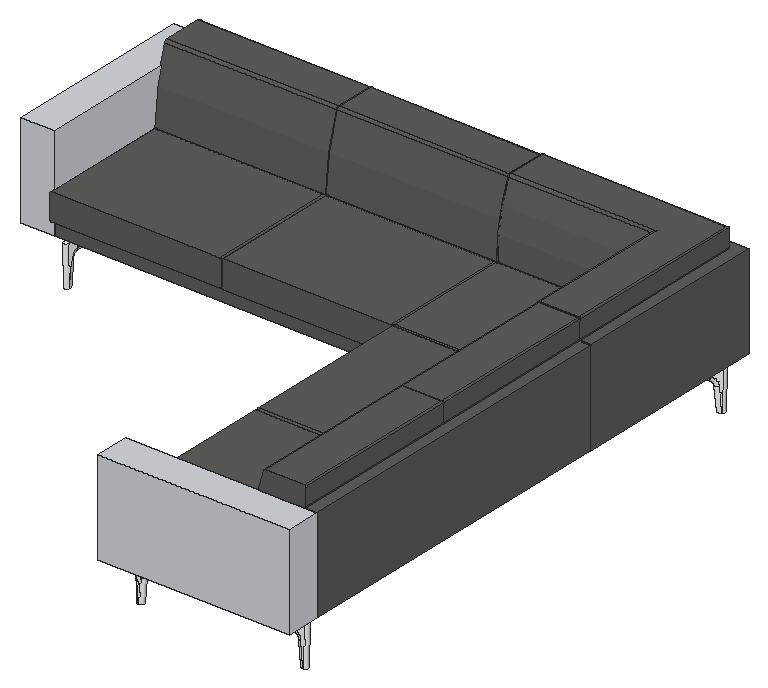
Revit family "NYC 05 - C", category Site, Revit 2019
Family settings
  Round Connector Dimension = Use Diameter
  Part Type = Normal
  Work Plane-Based = No
  Always vertical = Yes
  Cut with Voids When Loaded = No
  Shared = No
Reference planes (in)
  plane 1 "Center (Front/Back)": y = 0
  plane 2: z = 0
  plane 3 "Center (Left/Right)": x = 0
Nested families (in)
  nested 1: "NYC-Wrap-Over-Chair-90-Degree-Corner" at (197.4973583, 24.6864391, 0) x (0, -1, 0) z (0, 0, 1), type "NYC-Wrap-Over-Chair-90-Degree-Corner"
  nested 2: "NYC-Wrap-Over-Chair-2-Seat _Right Arm_ Left 90 Rails" at (167.5203364, 9.6326105, 0), type "NYC-Wrap-Over-Chair-2-Seat _Right Arm_ Left 90 Rails"
  nested 3: "NYC-Wrap-Over-Chair-2-Seat _Right Arm_ Left 90 Rails" at (197.4937218, -20.0953984, 0) x (0, 1, 0) z (0, 0, 1), type "NYC-Wrap-Over-Chair-2-Seat _Right Arm_ Left 90 Rails"
  nested 4: "NYC-Arm-Single-6-inch" at (137.5203364, 10.6326105, 8.75), type "NYC-Arm-Single-6-inch"
  nested 5: "NYC-Arm-Single-6-inch" at (231.9937218, -50.0953984, 8.75) x (0, 1, 0) z (0, 0, 1), type "NYC-Arm-Single-6-inch"
Definition of nested family "NYC-Wrap-Over-Chair-90-Degree-Corner"
  Parameters (values of type "NYC-Wrap-Over-Chair-90-Degree-Corner")
    URL = "http://www.stylexseating.com/"
    Model = "NYC Relaxed"
    Material = none
    Manufacturer = "Stylex"
    Leg Material = none
  Reference planes (in)
    plane 1 "Center Front/Back": y = 0
    plane 2: z = 0
    plane 3 "Center Left/Right": x = 0
  Forms (in)
    Extrusion 1, solid, material <- "Material"
      sketch origin (0, 0, 0) x (1, 0, 0) y (0, 1, 0)
        loop
          line (-19.5, 34.5) -> (-19.5, 0) -> (15, 0) -> (15, 34.5) -> (-19.5, 34.5)
      from 8.75 to 11.5
    Extrusion 2, solid, material <- "Material"
      sketch origin (0, 0, 0) x (1, 0, 0) y (0, 1, 0)
        loop
          line (-19.5, 34.5) -> (-19.5, 0) -> (-13.5, 0) -> (-13.5, 28.5) -> (15, 28.5) -> (15, 34.5) -> (-19.5, 34.5)
      from 11.5 to 25.2482425
    Sweep 3, solid, material <- "Material"
      path origin (0, 0, 0) x (1, 0, 0) y (0, 1, 0)
        loop
          line (-9.0613492, 0) -> (-9.0613492, 24.0613492) -> (15, 24.0613492)
      profile origin (-9.0613492, 12.0306746, 0) x (-1, 0, 0) y (0, 0, 1)
        loop
          arc (8.5636508, 28.6394767) -> (8.4904275, 28.8162534) -> (8.3136508, 28.8894767) r 0.25
          line (8.3136508, 28.8894767) -> (1.5278524, 28.8894767)
          arc (1.5278524, 28.8894767) -> (1.2466551, 28.80071) -> (1.0673861, 28.5665861) r 0.4897751
          arc (1.0673861, 28.5665861) -> (-0.7779037, 22.533386) -> (-1.3270574, 16.2482425) r 30.145968
          arc (-1.3270574, 16.2482425) -> (-1.2585889, 16.0829451) -> (-1.0932915, 16.0144767) r 0.2337658
          line (-1.0932915, 16.0144767) -> (4.1886508, 16.0144767)
          arc (4.1886508, 16.0144767) -> (4.3654275, 16.0877) -> (4.4386508, 16.2644767) r 0.25
          line (4.4386508, 16.2644767) -> (4.4386508, 25.2482425) -> (8.3136508, 25.2482425)
          arc (8.3136508, 25.2482425) -> (8.4904275, 25.3214658) -> (8.5636508, 25.4982425) r 0.25
          line (8.5636508, 25.4982425) -> (8.5636508, 28.6394767)
  Cuts and joins
    joined: Extrusion 1, Extrusion 2
  Dimensions and locks (in)
    aligned and locked: level to plane 2
  Nested families (in)
    nested 1: "NYC Relaxed - Base" at (1.7429475, 13.2570525, 0) x (0.7071, 0.7071, 0) z (0, 0, 1), type "NYC Relaxed - Base"
    nested 2: "NYC Relaxed - Club Chair Cusion" at (0.75, 0, 0), type "NYC Relaxed - Club Chair Cusion"
      with Length 2' - 4 1/2"
  Definition of nested family "NYC Relaxed - Base"
    Parameters (values of type "NYC Relaxed - Base")
      Material = none
    Reference planes (in)
      plane 1 "Center Front/Back": y = 0
      plane 2: z = 0
      plane 3 "Center Left/Right": x = 0
      plane 4: y = -15.0964409
      plane 5: y = -14.9218399
    Forms (in)
      Extrusion 1, solid, material <- "Material"
        sketch origin (0, 0, 0) x (0, 1, 0) y (0, 0, 1)
          loop
            line (27.790003, 0) -> (27.790003, 7.0142137) -> (24.7758405, 7.0142137) -> (24.7758405, 4.9995618) -> (25.2007406, 4.4753485) -> (25.6711187, 0) -> (27.790003, 0)
        from -0.4375 to 0.4375
      Blend 2, void
        base sketch origin (0, 12.0625, 0) x (1, 0, 0) y (0, 1, 0)
          loop
            line (-0.5821736, 14.3020647) -> (-0.4514685, 14.3020647)
            spline (-0.4514685, 14.3020647) -> (-0.4361085, 14.4675192) -> (-0.3910753, 14.6216982) -> (-0.3194378, 14.7540947) -> (-0.226078, 14.8556862) -> (-0.1173582, 14.9195492) -> (-0.0006875, 14.9413317) -> (0.1159832, 14.9195492) -> (0.224703, 14.8556862) -> (0.3180627, 14.7540947) -> (0.3897002, 14.6216982) -> (0.4347334, 14.4675192) -> (0.4500934, 14.3020647)
            line (0.4500934, 14.3020647) -> (0.5821736, 14.3020647) -> (0.5821736, 16.1216055) -> (-0.5821736, 16.1216055) -> (-0.5821736, 14.3020647)
        top sketch origin (0, 12.0625, 0) x (1, 0, 0) y (0, 1, 0)
          loop
            spline (-0.4514685, 14.4583147) -> (-0.4361085, 14.6237692) -> (-0.3910753, 14.7779482) -> (-0.3194378, 14.9103447) -> (-0.226078, 15.0119362) -> (-0.1173582, 15.0757992) -> (-0.0006875, 15.0975817) -> (0.1159832, 15.0757992) -> (0.224703, 15.0119362) -> (0.3180627, 14.9103447) -> (0.3897002, 14.7779482) -> (0.4347334, 14.6237692) -> (0.4500934, 14.4583147)
            line (0.4500934, 14.4583147) -> (0.5821736, 14.4583147) -> (0.5821736, 16.1216055) -> (-0.5821736, 16.1216055) -> (-0.5821736, 14.4583147) -> (-0.4514685, 14.4583147)
        from 0 to 7.3799541
      Extrusion 3, solid, material <- "Material"
        sketch origin (0, 0, 0) x (1, 0, 0) y (0, 0, 1)
          loop
            spline (-0.4375, 6.5594527) -> (-0.4225925, 6.1547479) -> (-0.3788861, 5.7776231) -> (-0.3093592, 5.4537787) -> (-0.21875, 5.2052841) -> (-0.1132333, 5.0490739) -> (0, 4.9957935) -> (0.1132333, 5.0490739) -> (0.21875, 5.2052841) -> (0.3093592, 5.4537787) -> (0.3788861, 5.7776231) -> (0.4225925, 6.1547479) -> (0.4375, 6.5594527)
            line (0.4375, 6.5594527) -> (-0.4375, 6.5594527)
        from -24.7758405 to 12.7758405
      Sweep 4, void
        path origin (0, 12, 0) x (0, 1, 0) y (0, 0, 1)
          loop
            line (13.9001543, -2.0298459) -> (13.355431, 4.196371)
            arc (13.355431, 4.196371) -> (13.0790883, 4.7629574) -> (12.4946054, 4.9991039) r 0.8795222
        profile origin (0, 25.6277926, 1.0832626) x (0, -0.996195, -0.087156) y (1, 0, 0)
          loop
            spline (-0.9331639, 0.4542627) -> (-0.6901066, 0.4387841) -> (-0.4636133, 0.393403) -> (-0.2691191, 0.3212122) -> (-0.1198784, 0.2271314) -> (-0.0260618, 0.1175718) -> (0.0059373, 0) -> (-0.0260618, -0.1175718) -> (-0.1198784, -0.2271314) -> (-0.2691191, -0.3212122) -> (-0.4636133, -0.393403) -> (-0.6901066, -0.4387841) -> (-0.9331639, -0.4542627)
            line (-0.9331639, -0.4542627) -> (-0.9331639, -0.5600294) -> (0.1709779, -0.5600294) -> (0.1709779, 0.5600294) -> (-0.9331639, 0.5600294) -> (-0.9331639, 0.4542627)
      Extrusion 5, solid, material <- "Material"
        sketch origin (0, 0, 0) x (0, 1, 0) y (0, 0, 1)
          loop
            line (21.8326191, 8.75) -> (-9.8326191, 8.75) -> (-9.9214726, 7.4793355)
            arc (-9.9214726, 7.4793355) -> (-10.0792554, 7.1485368) -> (-10.4202546, 7.0142137) r 0.5
            line (-10.4202546, 7.0142137) -> (-12.7758405, 7.0142137) -> (-12.7758405, 6.5594527) -> (24.7758405, 6.5594527) -> (24.7758405, 7.0142137) -> (22.4202546, 7.0142137)
            arc (22.4202546, 7.0142137) -> (22.0792554, 7.1485368) -> (21.9214726, 7.4793355) r 0.5
            line (21.9214726, 7.4793355) -> (21.8326191, 8.75)
        from -0.4375 to 0.4375
      Extrusion 6, solid, material <- "Material"
        sketch origin (0, 0, 0) x (0, -1, 0) y (0, 0, -1)
          loop
            line (15.790003, 0) -> (13.6711187, 0) -> (13.2007406, -4.4753485) -> (12.7758405, -4.9995618) -> (12.7758405, -7.0142137) -> (15.790003, -7.0142137) -> (15.790003, 0)
        from -0.4375 to 0.4375
      Blend 7, void
        base sketch origin (0, -0.0625, 0) x (1, 0, 0) y (0, 1, 0)
          loop
            line (-0.5821736, -14.3020647) -> (-0.5821736, -16.1216055) -> (0.5821736, -16.1216055) -> (0.5821736, -14.3020647) -> (0.4500934, -14.3020647)
            spline (0.4500934, -14.3020647) -> (0.4347334, -14.4675192) -> (0.3897002, -14.6216982) -> (0.3180627, -14.7540947) -> (0.224703, -14.8556862) -> (0.1159832, -14.9195492) -> (-0.0006875, -14.9413317) -> (-0.1173582, -14.9195492) -> (-0.226078, -14.8556862) -> (-0.3194378, -14.7540947) -> (-0.3910753, -14.6216982) -> (-0.4361085, -14.4675192) -> (-0.4514685, -14.3020647)
            line (-0.4514685, -14.3020647) -> (-0.5821736, -14.3020647)
        top sketch origin (0, -0.0625, 0) x (1, 0, 0) y (0, 1, 0)
          loop
            line (-0.4514685, -14.4583147) -> (-0.5821736, -14.4583147) -> (-0.5821736, -16.1216055) -> (0.5821736, -16.1216055) -> (0.5821736, -14.4583147) -> (0.4500934, -14.4583147)
            spline (0.4500934, -14.4583147) -> (0.4347334, -14.6237692) -> (0.3897002, -14.7779482) -> (0.3180627, -14.9103447) -> (0.224703, -15.0119362) -> (0.1159832, -15.0757992) -> (-0.0006875, -15.0975817) -> (-0.1173582, -15.0757992) -> (-0.226078, -15.0119362) -> (-0.3194378, -14.9103447) -> (-0.3910753, -14.7779482) -> (-0.4361085, -14.6237692) -> (-0.4514685, -14.4583147)
        from 0 to 7.3799541
      Sweep 8, void
        path origin (0, 0, 0) x (0, -1, 0) y (0, 0, 1)
          loop
            line (13.9001543, -2.0298459) -> (13.355431, 4.196371)
            arc (13.355431, 4.196371) -> (13.0790883, 4.7629574) -> (12.4946054, 4.9991039) r 0.8795222
        profile origin (0, -13.6277926, 1.0832626) x (0, -0.996195, 0.087156) y (1, 0, 0)
          loop
            line (0.9331639, 0.4542627) -> (0.9331639, 0.5600294) -> (-0.1709779, 0.5600294) -> (-0.1709779, -0.5600294) -> (0.9331639, -0.5600294) -> (0.9331639, -0.4542627)
            spline (0.9331639, -0.4542627) -> (0.6901066, -0.4387841) -> (0.4636133, -0.393403) -> (0.2691191, -0.3212122) -> (0.1198784, -0.2271314) -> (0.0260618, -0.1175718) -> (-0.0059373, 0) -> (0.0260618, 0.1175718) -> (0.1198784, 0.2271314) -> (0.2691191, 0.3212122) -> (0.4636133, 0.393403) -> (0.6901066, 0.4387841) -> (0.9331639, 0.4542627)
    Cuts and joins
      Blend 2, Sweep 4, Blend 7, Sweep 8 cuts Extrusion 1
      joined: Extrusion 3, Extrusion 5
      Blend 7, Sweep 8 cuts Extrusion 6
    Dimensions and locks (in)
      aligned and locked: level to plane 2
  Definition of nested family "NYC Relaxed - Club Chair Cusion"
    Parameters (values of type "NYC Relaxed - Club Chair Cusion")
      Material = none
      Length [instance] = 2' - 6"
    Reference planes (in)
      plane 1 "Center Front/Back": y = 0
      plane 2: z = 0
      plane 3 "Center Left/Right": x = 0
      plane 4: x = -15
      plane 5: x = 15
    Forms (in)
      Extrusion 1, solid, material <- "Material"
        sketch origin (0, 0, 0) x (1, 0, 0) y (0, 0, 1)
          loop
            line (-14.6445312, 11.5) -> (14.6445313, 11.5)
            arc (14.6445313, 11.5) -> (14.8958856, 11.6041144) -> (15, 11.8554687) r 0.3554688
            line (15, 11.8554687) -> (15, 15.8945312)
            arc (15, 15.8945312) -> (14.8958856, 16.1458856) -> (14.6445313, 16.25) r 0.3554688
            line (14.6445313, 16.25) -> (-14.6445312, 16.25)
            arc (-14.6445312, 16.25) -> (-14.8958856, 16.1458856) -> (-15, 15.8945312) r 0.3554688
            line (-15, 15.8945312) -> (-15, 11.8554687)
            arc (-15, 11.8554687) -> (-14.8958856, 11.6041144) -> (-14.6445312, 11.5) r 0.3554688
        from -28.5 to 0
    Dimensions and locks (in)
      equal spacing: plane 5, plane 3 "Center Left/Right", plane 4
      "Length": plane 5 to plane 4
      aligned and locked: level to plane 2
      aligned and locked: Extrusion 1 sketch curve to plane 4
      aligned and locked: plane 5 to Extrusion 1 sketch curve
    Automatic sketch dimensions
      plane 4 to Extrusion 1 sketch curve = 0' - 0 91/256"  (x2)
      Extrusion 1 sketch curve to plane 5 = 0' - 0 91/256"  (x2)
      level to Extrusion 1 sketch curve = 0' - 11 1/2"
      Extrusion 1 sketch curve to Extrusion 1 sketch curve = 0' - 4 5/128"
Definition of nested family "NYC-Wrap-Over-Chair-2-Seat _Right Arm_ Left 90 Rails"
  Parameters (values of type "NYC-Wrap-Over-Chair-2-Seat _Right Arm_ Left 90 Rails")
    URL = "http://www.stylexseating.com/"
    Model = "NYC Wrap"
    Material = none
    Manufacturer = "Stylex"
    Leg Material = none
  Reference planes (in)
    plane 1 "Center Front/Back": y = 0
    plane 2: z = 0
    plane 3 "Center Left/Right": x = 0
  Forms (in)
    Extrusion 1, solid, material <- "Leg Material"
      sketch origin (0, 0, 0) x (1, 0, 0) y (0, 1, 0)
        loop
          line (-29.0625, 27.3260438) -> (-29.0625, 26.3260438) -> (57.730438, 26.3260438) -> (57.730438, 27.3260438) -> (-29.0625, 27.3260438)
        loop
          line (-29.0625, 9.3260438) -> (-29.0625, 8.3260438) -> (38.1656985, 8.3260438) -> (38.1656985, 9.3260438) -> (-29.0625, 9.3260438)
      from 6.657364 to 8.75
  Lines and regions (in)
    symbolic lines
      curve 1: line (-30, 22.7505034, 0) -> (30, 22.7505034, 0)
  Dimensions and locks (in)
    aligned and locked: level to plane 2
  Nested families (in)
    nested 1: "NYC Relaxed - Base" at (-29.5, 17.6052779, 0), type "NYC Relaxed - Base"
    nested 2: "NYC Wrap-Over - Club Chair Frame" at (0, 0, 0), type "NYC Wrap-Over - Club Chair Frame"
      with length 5' - 0"
    nested 3: "NYC Wrap-Over - Club Chair Cusion" at (-15, 0, 0), type "NYC Wrap-Over - Club Chair Cusion"
    nested 4: "NYC Wrap-Over - Club Chair Back Cusion" at (-15, 0, 0), type "NYC Wrap-Over - Club Chair Back Cusion"
    nested 5: "NYC Wrap-Over - Club Chair Cusion" at (15, 0, 0) x (-1, 0, 0) z (0, 0, 1), type "NYC Wrap-Over - Club Chair Cusion"
    nested 6: "NYC Wrap-Over - Club Chair Back Cusion" at (15, 0, 0) x (-1, 0, 0) z (0, 0, 1), type "NYC Wrap-Over - Club Chair Back Cusion"
  Definition of nested family "NYC Relaxed - Base"
    Parameters (values of type "NYC Relaxed - Base")
      Material = none
    Reference planes (in)
      plane 1 "Center Front/Back": y = 0
      plane 2: z = 0
      plane 3 "Center Left/Right": x = 0
      plane 4: y = -15.0964409
      plane 5: y = -14.9218399
    Forms (in)
      Extrusion 1, solid, material <- "Material"
        sketch origin (0, 0, 0) x (0, 1, 0) y (0, 0, 1)
          loop
            line (15.790003, 0) -> (15.790003, 7.0142137) -> (12.7758405, 7.0142137) -> (12.7758405, 4.9995618) -> (13.2007406, 4.4753485) -> (13.6711187, 0) -> (15.790003, 0)
        from -0.4375 to 0.4375
      Blend 2, void
        base sketch origin (0, 0.0625, 0) x (1, 0, 0) y (0, 1, 0)
          loop
            line (-0.5821736, 14.3020647) -> (-0.4514685, 14.3020647)
            spline (-0.4514685, 14.3020647) -> (-0.4361085, 14.4675192) -> (-0.3910753, 14.6216982) -> (-0.3194378, 14.7540947) -> (-0.226078, 14.8556862) -> (-0.1173582, 14.9195492) -> (-0.0006875, 14.9413317) -> (0.1159832, 14.9195492) -> (0.224703, 14.8556862) -> (0.3180627, 14.7540947) -> (0.3897002, 14.6216982) -> (0.4347334, 14.4675192) -> (0.4500934, 14.3020647)
            line (0.4500934, 14.3020647) -> (0.5821736, 14.3020647) -> (0.5821736, 16.1216055) -> (-0.5821736, 16.1216055) -> (-0.5821736, 14.3020647)
        top sketch origin (0, 0.0625, 0) x (1, 0, 0) y (0, 1, 0)
          loop
            spline (-0.4514685, 14.4583147) -> (-0.4361085, 14.6237692) -> (-0.3910753, 14.7779482) -> (-0.3194378, 14.9103447) -> (-0.226078, 15.0119362) -> (-0.1173582, 15.0757992) -> (-0.0006875, 15.0975817) -> (0.1159832, 15.0757992) -> (0.224703, 15.0119362) -> (0.3180627, 14.9103447) -> (0.3897002, 14.7779482) -> (0.4347334, 14.6237692) -> (0.4500934, 14.4583147)
            line (0.4500934, 14.4583147) -> (0.5821736, 14.4583147) -> (0.5821736, 16.1216055) -> (-0.5821736, 16.1216055) -> (-0.5821736, 14.4583147) -> (-0.4514685, 14.4583147)
        from 0 to 7.3799541
      Extrusion 3, solid, material <- "Material"
        sketch origin (0, 0, 0) x (1, 0, 0) y (0, 0, 1)
          loop
            spline (-0.4375, 6.5594527) -> (-0.4225925, 6.1547479) -> (-0.3788861, 5.7776231) -> (-0.3093592, 5.4537787) -> (-0.21875, 5.2052841) -> (-0.1132333, 5.0490739) -> (0, 4.9957935) -> (0.1132333, 5.0490739) -> (0.21875, 5.2052841) -> (0.3093592, 5.4537787) -> (0.3788861, 5.7776231) -> (0.4225925, 6.1547479) -> (0.4375, 6.5594527)
            line (0.4375, 6.5594527) -> (-0.4375, 6.5594527)
        from -12.7758405 to 12.7758405
      Sweep 4, void
        path origin (0, 0, 0) x (0, 1, 0) y (0, 0, 1)
          loop
            line (13.9001543, -2.0298459) -> (13.355431, 4.196371)
            arc (13.355431, 4.196371) -> (13.0790883, 4.7629574) -> (12.4946054, 4.9991039) r 0.8795222
        profile origin (0, 13.6277926, 1.0832626) x (0, -0.996195, -0.087156) y (1, 0, 0)
          loop
            spline (-0.9331639, 0.4542627) -> (-0.6901066, 0.4387841) -> (-0.4636133, 0.393403) -> (-0.2691191, 0.3212122) -> (-0.1198784, 0.2271314) -> (-0.0260618, 0.1175718) -> (0.0059373, 0) -> (-0.0260618, -0.1175718) -> (-0.1198784, -0.2271314) -> (-0.2691191, -0.3212122) -> (-0.4636133, -0.393403) -> (-0.6901066, -0.4387841) -> (-0.9331639, -0.4542627)
            line (-0.9331639, -0.4542627) -> (-0.9331639, -0.5600294) -> (0.1709779, -0.5600294) -> (0.1709779, 0.5600294) -> (-0.9331639, 0.5600294) -> (-0.9331639, 0.4542627)
      Extrusion 5, solid, material <- "Material"
        sketch origin (0, 0, 0) x (0, 1, 0) y (0, 0, 1)
          loop
            line (9.8326191, 8.75) -> (-9.8326191, 8.75) -> (-9.9214726, 7.4793355)
            arc (-9.9214726, 7.4793355) -> (-10.0792554, 7.1485368) -> (-10.4202546, 7.0142137) r 0.5
            line (-10.4202546, 7.0142137) -> (-12.7758405, 7.0142137) -> (-12.7758405, 6.5594527) -> (12.7758405, 6.5594527) -> (12.7758405, 7.0142137) -> (10.4202546, 7.0142137)
            arc (10.4202546, 7.0142137) -> (10.0792554, 7.1485368) -> (9.9214726, 7.4793355) r 0.5
            line (9.9214726, 7.4793355) -> (9.8326191, 8.75)
        from -0.4375 to 0.4375
      Extrusion 6, solid, material <- "Material"
        sketch origin (0, 0, 0) x (0, -1, 0) y (0, 0, -1)
          loop
            line (15.790003, 0) -> (13.6711187, 0) -> (13.2007406, -4.4753485) -> (12.7758405, -4.9995618) -> (12.7758405, -7.0142137) -> (15.790003, -7.0142137) -> (15.790003, 0)
        from -0.4375 to 0.4375
      Blend 7, void
        base sketch origin (0, -0.0625, 0) x (1, 0, 0) y (0, 1, 0)
          loop
            line (-0.5821736, -14.3020647) -> (-0.5821736, -16.1216055) -> (0.5821736, -16.1216055) -> (0.5821736, -14.3020647) -> (0.4500934, -14.3020647)
            spline (0.4500934, -14.3020647) -> (0.4347334, -14.4675192) -> (0.3897002, -14.6216982) -> (0.3180627, -14.7540947) -> (0.224703, -14.8556862) -> (0.1159832, -14.9195492) -> (-0.0006875, -14.9413317) -> (-0.1173582, -14.9195492) -> (-0.226078, -14.8556862) -> (-0.3194378, -14.7540947) -> (-0.3910753, -14.6216982) -> (-0.4361085, -14.4675192) -> (-0.4514685, -14.3020647)
            line (-0.4514685, -14.3020647) -> (-0.5821736, -14.3020647)
        top sketch origin (0, -0.0625, 0) x (1, 0, 0) y (0, 1, 0)
          loop
            line (-0.4514685, -14.4583147) -> (-0.5821736, -14.4583147) -> (-0.5821736, -16.1216055) -> (0.5821736, -16.1216055) -> (0.5821736, -14.4583147) -> (0.4500934, -14.4583147)
            spline (0.4500934, -14.4583147) -> (0.4347334, -14.6237692) -> (0.3897002, -14.7779482) -> (0.3180627, -14.9103447) -> (0.224703, -15.0119362) -> (0.1159832, -15.0757992) -> (-0.0006875, -15.0975817) -> (-0.1173582, -15.0757992) -> (-0.226078, -15.0119362) -> (-0.3194378, -14.9103447) -> (-0.3910753, -14.7779482) -> (-0.4361085, -14.6237692) -> (-0.4514685, -14.4583147)
        from 0 to 7.3799541
      Sweep 8, void
        path origin (0, 0, 0) x (0, -1, 0) y (0, 0, 1)
          loop
            line (13.9001543, -2.0298459) -> (13.355431, 4.196371)
            arc (13.355431, 4.196371) -> (13.0790883, 4.7629574) -> (12.4946054, 4.9991039) r 0.8795222
        profile origin (0, -13.6277926, 1.0832626) x (0, -0.996195, 0.087156) y (1, 0, 0)
          loop
            line (0.9331639, 0.4542627) -> (0.9331639, 0.5600294) -> (-0.1709779, 0.5600294) -> (-0.1709779, -0.5600294) -> (0.9331639, -0.5600294) -> (0.9331639, -0.4542627)
            spline (0.9331639, -0.4542627) -> (0.6901066, -0.4387841) -> (0.4636133, -0.393403) -> (0.2691191, -0.3212122) -> (0.1198784, -0.2271314) -> (0.0260618, -0.1175718) -> (-0.0059373, 0) -> (0.0260618, 0.1175718) -> (0.1198784, 0.2271314) -> (0.2691191, 0.3212122) -> (0.4636133, 0.393403) -> (0.6901066, 0.4387841) -> (0.9331639, 0.4542627)
    Cuts and joins
      Blend 2, Sweep 4, Blend 7, Sweep 8 cuts Extrusion 1
      joined: Extrusion 3, Extrusion 5
      Blend 7, Sweep 8 cuts Extrusion 6
    Dimensions and locks (in)
      aligned and locked: level to plane 2
  Definition of nested family "NYC Wrap-Over - Club Chair Frame"
    Parameters (values of type "NYC Wrap-Over - Club Chair Frame")
      length [instance] = 2' - 6"
      Material = none
    Reference planes (in)
      plane 1 "Center Front/Back": y = 0
      plane 2: z = 0
      plane 3 "Center Left/Right": x = 0
      plane 4: x = -15
      plane 5: x = 15
    Forms (in)
      Extrusion 1, solid, material <- "Material"
        sketch origin (0, 0, 0) x (0, 1, 0) y (0, 0, 1)
          loop
            line (28.5, 25.25) -> (28.5, 11.5) -> (1, 11.5) -> (1, 8.75) -> (34.5, 8.75) -> (34.5, 25.25) -> (28.5, 25.25)
        from -15 to 15
    Dimensions and locks (in)
      equal spacing: plane 4, plane 3 "Center Left/Right", plane 5
      "length": plane 4 to plane 5
      aligned and locked: level to plane 2
      aligned and locked: Extrusion 1 to plane 4
      aligned and locked: Extrusion 1 to plane 5
    Automatic sketch dimensions
      Extrusion 1 sketch curve to plane 1 "Center Front/Back" = 0' - 1"
      level to Extrusion 1 sketch curve = 0' - 11 1/2"
      Extrusion 1 sketch curve to Extrusion 1 sketch curve = 2' - 3 1/2"
      Extrusion 1 sketch curve to Extrusion 1 sketch curve = 0' - 6"
      Extrusion 1 sketch curve to Extrusion 1 sketch curve = 0' - 2 3/4"
      Extrusion 1 sketch curve to Extrusion 1 sketch curve = 1' - 1 3/4"
  Definition of nested family "NYC Wrap-Over - Club Chair Cusion"
    Parameters (values of type "NYC Wrap-Over - Club Chair Cusion")
      Material = none
      Length [instance] = 2' - 6"
    Reference planes (in)
      plane 1 "Center Front/Back": y = 0
      plane 2: z = 0
      plane 3 "Center Left/Right": x = 0
      plane 4: x = -15
      plane 5: x = 15
      plane 6: y = 28.5
    Forms (in)
      Extrusion 1, solid, material <- "Material"
        sketch origin (0, 0, 0) x (1, 0, 0) y (0, 0, 1)
          loop
            line (-14.6445312, 11.5) -> (14.6445313, 11.5)
            arc (14.6445313, 11.5) -> (14.8958856, 11.6041144) -> (15, 11.8554687) r 0.3554688
            line (15, 11.8554687) -> (15, 15.8945312)
            arc (15, 15.8945312) -> (14.8958856, 16.1458856) -> (14.6445313, 16.25) r 0.3554688
            line (14.6445313, 16.25) -> (-14.6445312, 16.25)
            arc (-14.6445312, 16.25) -> (-14.8958856, 16.1458856) -> (-15, 15.8945312) r 0.3554688
            line (-15, 15.8945312) -> (-15, 11.8554687)
            arc (-15, 11.8554687) -> (-14.8958856, 11.6041144) -> (-14.6445312, 11.5) r 0.3554688
        from -28.5 to 0
    Dimensions and locks (in)
      equal spacing: plane 5, plane 3 "Center Left/Right", plane 4
      "Length": plane 5 to plane 4
      aligned and locked: level to plane 2
      aligned and locked: Extrusion 1 sketch curve to plane 4
      aligned and locked: plane 5 to Extrusion 1 sketch curve
    Automatic sketch dimensions
      plane 4 to Extrusion 1 sketch curve = 0' - 0 91/256"  (x2)
      Extrusion 1 sketch curve to plane 5 = 0' - 0 91/256"  (x2)
      level to Extrusion 1 sketch curve = 0' - 11 1/2"
      Extrusion 1 sketch curve to Extrusion 1 sketch curve = 0' - 4 5/128"
  Definition of nested family "NYC Wrap-Over - Club Chair Back Cusion"
    Parameters (values of type "NYC Wrap-Over - Club Chair Back Cusion")
      Material = none
    Reference planes (in)
      plane 1 "Center Front/Back": y = 0
      plane 2: z = 0
      plane 3 "Center Left/Right": x = 0
    Forms (in)
      Extrusion 1, solid, material <- "Material"
        sketch origin (0, 0, 0) x (0, 1, 0) y (0, 0, 1)
          loop
            arc (25.5892016, 28.8455547) -> (25.3043405, 28.7557384) -> (25.1225124, 28.5187755) r 0.4966403
            arc (25.1225124, 28.5187755) -> (23.4480711, 22.4638719) -> (22.7505034, 16.2205547) r 39.6688057
            arc (22.7505034, 16.2205547) -> (22.8237267, 16.043778) -> (23.0005034, 15.9705547) r 0.25
            line (23.0005034, 15.9705547) -> (28.5, 15.9705547) -> (28.5, 25.25) -> (32.375, 25.25)
            arc (32.375, 25.25) -> (32.5517767, 25.3232233) -> (32.625, 25.5) r 0.25
            line (32.625, 25.5) -> (32.625, 28.5955547)
            arc (32.625, 28.5955547) -> (32.5517767, 28.7723314) -> (32.375, 28.8455547) r 0.25
            line (32.375, 28.8455547) -> (25.5892016, 28.8455547)
        from -15 to 15
    Dimensions and locks (in)
      aligned and locked: level to plane 2
Definition of nested family "NYC-Arm-Single-6-inch"
  Parameters (values of type "NYC-Arm-Single-6-inch")
    Material = none
  Reference planes (in)
    plane 1 "Center Front/Back": y = 0
    plane 2: z = 0
    plane 3 "Center Left/Right": x = 0
  Forms (in)
    Extrusion 1, solid, material <- "Material"
      sketch origin (0, 0, 0) x (1, 0, 0) y (0, 1, 0)
        loop
          line (-6, 33.5) -> (-6, 0) -> (0, 0) -> (0, 33.5) -> (-6, 33.5)
      from 0 to 16.5
  Dimensions and locks (in)
    aligned and locked: level to plane 2
